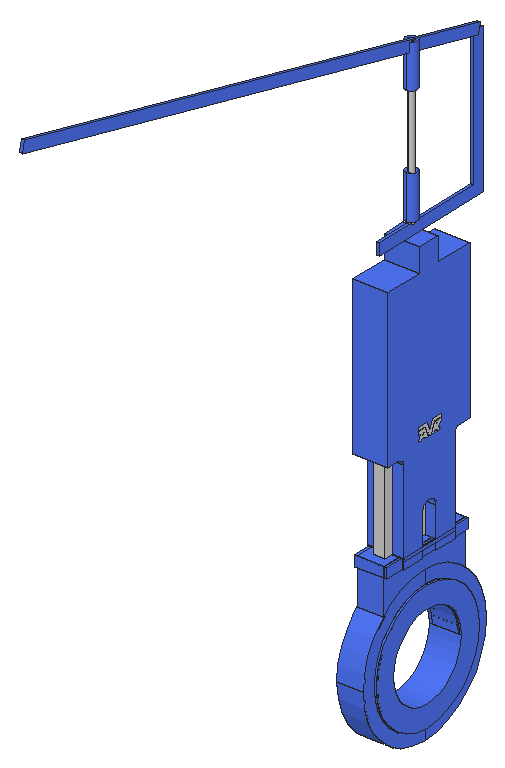
Revit family "702-30-103-DN50-150", category Pipe Accessories, Revit 2019
Family settings
  Round Connector Dimension = Use Diameter
  Part Type = Valve - Breaks Into
  Work Plane-Based = No
  Always vertical = Yes
  Cut with Voids When Loaded = No
  Shared = No
Parameters (values of type "DN 150")
  W3 = W2 / 1.2  # 111.25 mm
  W2 = W / 2  # 133.5 mm
  W1 = size_lookup(Search_table, "W1", 0 mm, [Nominal Diameter (DN)])  # 1003 mm
  W = size_lookup(Search_table, "W", 0 mm, [Nominal Diameter (DN)])  # 267 mm
  URL product pages = "https://www.avkvalves.com/P.aspx?no=70205030134"
  Search_table = "702-30-103-DN50-150"
  Neck_Rod_3 = Neck_Rod / 2  # 5 mm
  Neck_Rod_2 = Neck_Rod * 2  # 20 mm
  Neck_Rod = if([Nominal Diameter (DN)] > 399 mm, 20 mm, if([Nominal Diameter (DN)] > 299 mm, 25 mm, if([Nominal Diameter (DN)] > 199 mm, 20 mm, if([Nominal Diameter (DN)] > 39 mm, 10 mm, 10 mm))))  # 10 mm
  Name_Ref = H_Ref * 1.5  # 347.1 mm
  N_height = size_lookup(Search_table, "N_height", 0 mm, [Nominal Diameter (DN)])  # 286 mm
  L2 = L * 1.1  # 61.6 mm
  L = size_lookup(Search_table, "L", 0 mm, [Nominal Diameter (DN)])  # 56 mm
  ID = [Nominal Diameter (DN)] / 2  # 75 mm
  Nominal Diameter (DN) = 150 mm
  Ho = size_lookup(Search_table, "Ho", 0 mm, [Nominal Diameter (DN)])  # 1162 mm
  Hc_Ref = Hc - (HW_Dia / 2)  # 660 mm
  Hc = size_lookup(Search_table, "Hc", 0 mm, [Nominal Diameter (DN)])  # 670 mm
  HW_Rib = (D * 2) - (HW_Dia / 2)  # 270 mm
  HW_Dia = if([Nominal Diameter (DN)] > 399 mm, 80 mm, if([Nominal Diameter (DN)] > 299 mm, 60 mm, if([Nominal Diameter (DN)] > 199 mm, 40 mm, if([Nominal Diameter (DN)] > 39 mm, 20 mm, 20 mm))))  # 20 mm
  H_Ref = Body_width * 1.3  # 231.4 mm
  H3 = size_lookup(Search_table, "H3", 0 mm, [Nominal Diameter (DN)])  # 1297 mm
  Flange_Thickness = if([Nominal Diameter (DN)] > 399 mm, 20 mm, if([Nominal Diameter (DN)] > 299 mm, 15 mm, if([Nominal Diameter (DN)] > 199 mm, 10 mm, if([Nominal Diameter (DN)] > 39 mm, 5 mm, 5 mm))))  # 5 mm
  Fillet_Radius = size_lookup(Search_table, "Fillet_Radius", 0 mm, [Nominal Diameter (DN)])  # 10 mm
  Description_ = "AVK KNIFE GATE VALVE"
  DN150_PN10/16 = "702-150-30-134"
  DN125_PN10/16 = "702-125-30-134"
  DN100_PN10/16 = "702-100-30-134"
  DN080_PN10/16 = "702-080-30-134"
  DN065_PN10/16 = "702-065-30-134"
  DN050_PN10/16 = "702-050-30-134"
  D = (size_lookup(Search_table, "D", 0 mm, [Nominal Diameter (DN)]) / 2) - (HW_Dia / 2)  # 140 mm
  Bonnet_height_2 = Hc / 2  # 335 mm
  Bonnet_height = Hc / 1.1  # 609.091 mm
  Body_width_2 = Body_width * 0.8  # 142.4 mm
  Body_width = W / 1.5  # 178 mm
  B2_Ref = W2 * 1.2  # 160.2 mm
Types (7, lengths in mm): name | W3 | W2 | W1 | W | Name_Ref | N_height | L2 | L | ID | Nominal Diameter (DN) | Ho | Hc_Ref | Hc | HW_Rib | H_Ref | H3 | Fillet_Radius | D | Bonnet_height_2 | Bonnet_height | Body_width_2 | Body_width | B2_Ref
  (no name) | 111.25 | 133.5 | 1003 | 267 | 347.1 | 286 | 61.6 | 56 | 75 | 150 | 1162 | 660 | 670 | 270 | 231.4 | 1297 | 10 | 140 | 335 | 609.091 | 142.4 | 178 | 160.2
  DN 050 | 54.167 | 65 | 402 | 130 | 169 | 141 | 47.3 | 43 | 25 | 50 | 592 | 353 | 363 | 145 | 112.667 | 687 | 5 | 77.5 | 181.5 | 330 | 69.333 | 86.667 | 78
  DN 065 | 59.583 | 71.5 | 503 | 143 | 185.9 | 194 | 50.6 | 46 | 32.5 | 65 | 720 | 385 | 395 | 145 | 123.933 | 792 | 5 | 77.5 | 197.5 | 359.091 | 76.267 | 95.333 | 85.8
  DN 080 | 76.25 | 91.5 | 601 | 183 | 237.9 | 196 | 50.6 | 46 | 40 | 80 | 758 | 421 | 431 | 195 | 158.6 | 910 | 5 | 102.5 | 215.5 | 391.818 | 97.6 | 122 | 109.8
  DN 100 | 84.167 | 101 | 703 | 202 | 262.6 | 211 | 57.2 | 52 | 50 | 100 | 831 | 465 | 475 | 195 | 175.067 | 933 | 10 | 102.5 | 237.5 | 431.818 | 107.733 | 134.667 | 121.2
  DN 125 | 95.417 | 114.5 | 804 | 229 | 297.7 | 227 | 61.6 | 56 | 62.5 | 125 | 913 | 518 | 528 | 195 | 198.467 | 1028 | 10 | 102.5 | 264 | 480 | 122.133 | 152.667 | 137.4
  DN 150 | 111.25 | 133.5 | 1003 | 267 | 347.1 | 286 | 61.6 | 56 | 75 | 150 | 1162 | 660 | 670 | 270 | 231.4 | 1297 | 10 | 140 | 335 | 609.091 | 142.4 | 178 | 160.2
Reference planes
  plane 1 "Center (Front/Back)": y = 0
  plane 2: z = 0
  plane 3 "Center (Left/Right)": x = 0
  plane 4: x = -28
  plane 5: x = 28
  plane 6: y = 55.625
  plane 7: y = -55.625
  plane 8: x = -30.8
  plane 9: x = 30.8
  plane 10: z = 178
  plane 11: z = 173
  plane 12: x = -18
  plane 13: x = 18
  plane 14: z = 670
  plane 15: y = 15.843
  plane 16: y = -15.843
  plane 17: z = 231.4
  plane 18: z = 335
  plane 19: y = 55.625
  plane 20: y = -55.625
  plane 21: x = -28
  plane 22: x = 28
  plane 23: z = 670
  plane 24: z = 660
  plane 25: z = 650
  plane 26: z = 352.5
  plane 27: z = -133.5
  plane 28: z = 133.5
  plane 29: y = -133.5
  plane 30: y = 133.5
  plane 31: y = 65.625
  plane 32: z = 325
  plane 33: y = -65.625
  plane 34: z = 325
  plane 35: x = -6.146
  plane 36: x = 5.74
  plane 37: z = 383
  plane 38: z = 1162
  plane 39: z = 1152
  plane 40: z = 1172
  plane 41: z = 911
  plane 42: y = 153.5
  plane 43: y = 143.5
  plane 44: y = -849.5
  plane 45: z = 675.334
Forms (mm)
  Extrusion 1, solid, material "Plastic"
    sketch origin (0, 0, 0) x (0, 1, 0) y (0, 0, 1)
      loop
        circle (0, 0) r 133.5
      loop
        circle (0, 0) r 75
    from -28 to 28
  Revolve 2, void
    sketch origin (0, 0, 0) x (1, 0, 0) y (0, 0, 1)
      loop
        line (28, 133.5) -> (23, 133.5) -> (23, 111.25) -> (28, 111.25) -> (28, 133.5)
      loop
        line (-28, 133.5) -> (-28, 111.25) -> (-23, 111.25) -> (-23, 133.5) -> (-28, 133.5)
      axis (-28, 0) -> (28, 0)
    angle from 0 to 360
  Extrusion 3, solid, material "Plastic"
    sketch origin (0, 0, 0) x (0, 1, 0) y (0, 0, 1)
      loop
        line (89, 0) -> (89, 178) -> (-89, 178) -> (-89, 0) -> (89, 0)
    from -23 to 23
  Extrusion 4, solid, material "Plastic"
    sketch origin (0, 0, 0) x (1, 0, 0) y (0, 0, 1)
      loop
        line (30.8, 178) -> (-30.8, 178) -> (-30.8, 173) -> (30.8, 173) -> (30.8, 178)
    from -55.625 to 55.625
  Extrusion 5, solid, material "Plastic"
    sketch origin (0, 0, 0) x (1, 0, 0) y (0, 0, 1)
      loop
        line (-28, 178) -> (-28, 160.2) -> (28, 160.2) -> (28, 178) -> (-28, 178)
    from -89 to 89
  Extrusion 6, solid, material "Plastic"
    sketch origin (0, 0, 0) x (0, 1, 0) y (0, 0, 1)
      loop
        line (55.625, 160.2) -> (55.625, 325)
        arc (55.625, 325) -> (58.554, 332.071) -> (65.625, 335) r 10
        line (65.625, 335) -> (89, 335) -> (89, 609.091) -> (20, 609.091) -> (20, 650) -> (-20, 650) -> (-20, 609.091) -> (-89, 609.091) -> (-89, 335) -> (-65.625, 335)
        arc (-65.625, 335) -> (-58.554, 332.071) -> (-55.625, 325) r 10
        line (-55.625, 325) -> (-55.625, 160.2) -> (-15.843, 160.2) -> (-15.843, 231.4)
        arc (-15.843, 231.4) -> (0, 247.243) -> (15.843, 231.4) r 15.843
        line (15.843, 231.4) -> (15.843, 160.2) -> (55.625, 160.2)
    from -30.8 to 30.8
  Extrusion 7, void
    sketch origin (0, 0, 0) x (0, 1, 0) y (0, 0, 1)
      loop
        circle (0, 0) r 75
    from -28 to 28
  Extrusion 8, solid, material "Stainless Steel AISI 304"
    sketch origin (0, 0, 0) x (0, 1, 0) y (0, 0, 1)
      loop
        line (71.2, 178) -> (71.2, 335) -> (-71.2, 335) -> (-71.2, 178) -> (71.2, 178)
    from -9.423 to 10.911
  Extrusion 9, solid, material "Plastic"
    sketch origin (0, 0, 0) x (0, 1, 0) y (0, 0, 1)
      loop
        line (153.5, 911) -> (133.5, 911) -> (133.5, 670) -> (-72.924, 670) -> (-72.924, 650) -> (153.5, 650) -> (153.5, 911)
    from -2.5 to 2.5
  Sweep 10, solid, material "Plastic"
    path origin (0, 0, 0) x (0, 1, 0) y (0, 0, 1)
      loop
        line (143.5, 911) -> (-849.5, 1162)
    profile origin (0, -353, 1036.5) x (0, -0.245062, -0.969507) y (1, 0, 0)
      loop
        line (-10, -2.297) -> (10, -2.297) -> (10, 2.703) -> (-10, 2.703) -> (-10, -2.297)
  Revolve 11, solid, material "Stainless Steel AISI 304"
    sketch origin (0, 0, 0) x (0, 1, 0) y (0, 0, 1)
      loop
        line (0, 670) -> (5, 670) -> (5, 956) -> (0, 956) -> (0, 670)
      axis (0, 670) -> (0, 956)
    angle from 0 to 360
  Revolve 12, solid, material "Plastic"
    sketch origin (0, 0, 0) x (0, 1, 0) y (0, 0, 1)
      loop
        line (0, 956) -> (0, 881) -> (10, 881) -> (10, 956) -> (0, 956)
      loop
        line (0, 675.334) -> (10, 675.334) -> (10, 750.334) -> (0, 750.334) -> (0, 675.334)
      axis (0, 675.334) -> (0, 956)
    angle from 0 to 360
Cuts and joins
  Revolve 2, Extrusion 7 cuts Extrusion 1
  Extrusion 7 cuts Extrusion 3
Dimensions and locks
  equal spacing: plane 4, plane 3 "Center (Left/Right)", plane 5
  "L": plane 4 to plane 5
  "W2": Revolve 2 sketch curve to level
  "Flange_Thickness": Revolve 2 sketch curve to Extrusion 1
  "Flange_Thickness": Extrusion 1 to Revolve 2 sketch curve
  "W3": Revolve 2 sketch curve to level
  equal spacing: Extrusion 3 sketch curve, plane 1 "Center (Front/Back)", Extrusion 3 sketch curve
  "Body_width": Extrusion 3 sketch curve to Extrusion 3 sketch curve  (x2)
  level to Extrusion 3 = 178 mm
  equal spacing: plane 6, plane 1 "Center (Front/Back)", plane 7
  "W3": plane 6 to plane 7
  equal spacing: plane 8, plane 3 "Center (Left/Right)", plane 9
  "L2": plane 8 to plane 9
  "Flange_Thickness": plane 10 to plane 11
  "Body_width": plane 10 to level
  "B2_Ref": Extrusion 5 sketch curve to level
  "Hc": plane 14 to level
  equal spacing: plane 15, plane 1 "Center (Front/Back)", plane 16
  "Bonnet_height_2": level to plane 18
  "Bonnet_height": Extrusion 6 sketch curve to level
  equal spacing: plane 21, plane 3 "Center (Left/Right)", plane 22
  "L": plane 21 to plane 22
  "H_Ref": level to plane 17
  "Hc": plane 23 to level
  "Hc_Ref": plane 24 to level
  "HW_Dia": plane 23 to plane 25
  "Name_Ref": level to nested 1
  equal spacing: plane 28, level, plane 27
  "W": plane 28 to plane 27
  equal spacing: plane 30, plane 1 "Center (Front/Back)", plane 29
  "W": plane 30 to plane 29
  "Fillet_Radius": plane 31 to plane 19
  "Fillet_Radius": plane 18 to plane 32
  "Fillet_Radius": plane 18 to plane 34
  "Fillet_Radius": plane 20 to plane 33
  equal spacing: Extrusion 8 sketch curve, plane 1 "Center (Front/Back)", Extrusion 8 sketch curve
  "Body_width_2": Extrusion 8 sketch curve to Extrusion 8 sketch curve
  "Hc_Ref": Extrusion 1 sketch curve to plane 24
  "Ho": plane 38 to level
  equal spacing: plane 40, plane 38, plane 39
  "Neck_Rod_2": plane 40 to plane 39
  equal spacing: Extrusion 6 sketch curve, plane 1 "Center (Front/Back)", Extrusion 6 sketch curve
  "Neck_Rod_2": plane 1 "Center (Front/Back)" to Extrusion 6 sketch curve
  "Neck_Rod_2": Extrusion 9 sketch curve to plane 25
  equal spacing: plane 24, plane 41, plane 38
  "Neck_Rod_2": plane 30 to Extrusion 9 sketch curve
  equal spacing: plane 30, plane 43, plane 42
  "W1": plane 44 to plane 42
  equal spacing: Sweep 10 sketch curve, profile plane, Sweep 10 sketch curve  (x2)
  "Neck_Rod_2": Sweep 10 sketch curve to Sweep 10 sketch curve
  "Flange_Thickness": Sweep 10 sketch curve to Sweep 10 sketch curve
  "Neck_Rod_2": plane 30 to plane 42
  "Neck_Rod_3": plane 1 "Center (Front/Back)" to Revolve 11 sketch curve
  "N_height": Revolve 11 sketch curve to plane 23
  locked: plane 45 to plane 23 at 5.334
  "Neck_Rod": plane 1 "Center (Front/Back)" to Revolve 12 sketch curve  (x2)
  "ID": Revolve 12 sketch curve to Revolve 12 sketch curve  (x2)
  plane 38 to plane 27 = 1295.5 mm
  "W": diameter of Extrusion 1 sketch curve
  "Nominal Diameter (DN)": diameter of Extrusion 1 sketch curve
  aligned and locked: level to plane 2
  aligned and locked: Extrusion 1 to plane 5
  aligned and locked: plane 4 to Extrusion 1
  aligned and locked: Extrusion 1 to Revolve 2 sketch curve
  aligned and locked: Revolve 2 sketch curve to Revolve 2 sketch curve  (x2)
  aligned and locked: Revolve 2 sketch curve to plane 2
  aligned and locked: Extrusion 3 sketch curve to level
  aligned and locked: plane 6 to Extrusion 4
  aligned and locked: Extrusion 4 to plane 7
  aligned and locked: plane 11 to Extrusion 4 sketch curve  (x2)
  aligned and locked: plane 10 to Extrusion 4 sketch curve  (x2)
  aligned and locked: Extrusion 5 sketch curve to plane 4
  aligned and locked: plane 5 to Extrusion 5 sketch curve
  aligned and locked: Extrusion 5 sketch curve to Extrusion 4
  aligned and locked: Extrusion 5 to Extrusion 3
  aligned and locked: Extrusion 3 to Extrusion 5
  aligned and locked: plane 8 to Extrusion 4 sketch curve
  aligned and locked: Extrusion 4 sketch curve to plane 9
  aligned and locked: Extrusion 3 to cut or joined group of Extrusion 1, Revolve 2, Extrusion 7  (x2)
  aligned and locked: Extrusion 5 to Extrusion 6 sketch curve
  aligned and locked: Extrusion 6 sketch curve to Extrusion 5
  aligned and locked: Extrusion 6 sketch curve to plane 15  (x2)
  aligned and locked: Extrusion 6 sketch curve to plane 19  (x2)
  aligned and locked: Extrusion 6 sketch curve to plane 16  (x2)
  aligned and locked: Extrusion 6 sketch curve to plane 20  (x2)
  aligned and locked: plane 7 to plane 20
  aligned and locked: plane 6 to plane 19
  aligned and locked: Extrusion 3 to Extrusion 6 sketch curve  (x2)
  aligned and locked: Extrusion 6 to Extrusion 4  (x2)
  aligned and locked: Extrusion 7 sketch curve to cut or joined group of Extrusion 1, Revolve 2, Extrusion 7  (x2)
  aligned and locked: Extrusion 1 to Extrusion 7  (x2)
  aligned and locked: nested 1 to plane 1 "Center (Front/Back)"
  aligned and locked: Extrusion 6 sketch curve to plane 33
  aligned and locked: plane 18 to Extrusion 6 sketch curve
  aligned and locked: Extrusion 6 sketch curve to plane 34
  aligned and locked: plane 32 to Extrusion 6 sketch curve
  aligned and locked: Extrusion 6 sketch curve to plane 18
  aligned and locked: Extrusion 6 sketch curve to plane 31
  aligned and locked: plane 17 to Extrusion 6 sketch curve  (x2)
  aligned and locked: Extrusion 5 to Extrusion 8 sketch curve
  aligned and locked: Extrusion 8 to Extrusion 6
  aligned and locked: Extrusion 6 sketch curve to plane 25
  aligned and locked: Extrusion 6 sketch curve to Extrusion 6 sketch curve
  aligned and locked: Extrusion 9 sketch curve to plane 25
  aligned and locked: plane 41 to Extrusion 9
  aligned and locked: Extrusion 9 sketch curve to plane 30
  aligned and locked: Sweep 10 sketch curve to plane 44
  aligned and locked: plane 38 to Sweep 10 sketch curve
  aligned and locked: Sweep 10 sketch curve to plane 43
  aligned and locked: plane 41 to Sweep 10 sketch curve
  aligned and locked: Revolve 11 sketch curve to plane 23
  aligned and locked: plane 1 "Center (Front/Back)" to Revolve 11 sketch curve
  aligned and locked: Revolve 11 sketch curve to Revolve 11 sketch curve
  aligned and locked: Revolve 12 sketch curve to plane 1 "Center (Front/Back)"  (x2)
  aligned and locked: Revolve 12 sketch curve to Revolve 11
  aligned and locked: plane 45 to Revolve 12 sketch curve
  aligned and locked: plane 1 "Center (Front/Back)" to Revolve 12 sketch curve
Automatic sketch dimensions
  Extrusion 1 sketch curve to Extrusion 1 sketch curve = 0 mm
  Extrusion 1 sketch curve to level = 0 mm
  Extrusion 1 sketch curve to plane 1 "Center (Front/Back)" = 0 mm
  plane 4 to Revolve 2 sketch curve = 0 mm
  Revolve 2 sketch curve to plane 4 = 2.3 mm
  plane 5 to Revolve 2 sketch curve = 8 mm
  Extrusion 8 sketch curve to Extrusion 8 sketch curve = 157 mm
  Extrusion 9 sketch curve to plane 41 = 0 mm
  Extrusion 9 sketch curve to plane 7 = 17.299 mm
  Revolve 11 sketch curve to Revolve 11 sketch curve = 100 mm
  Revolve 11 sketch curve to Revolve 11 sketch curve = 25 mm
  Revolve 12 sketch curve to Revolve 12 sketch curve = 35 mm
  Revolve 12 sketch curve to Revolve 12 sketch curve = 10 mm
Nested families
  nested 1: "LOGO LV Final.0001" at (30.8, 0, 335.733) x (0, 1, 0) z (1, 0, 0), type "LOGO LV Final.0001"
Connectors
  piping at (28, 0, 0), diameter 150, driven by "Nominal Diameter (DN)"
    settings: on Extrusion 1, index 1, connector inside diameter 609.6 mm, connector length 0 mm, flow factor 0, pipe flow 0.0 L/s, pressure drop 0.0 Pa, fitting loss kfactor 0, connector angle 0.00°, fixture units 0, engagement length 0 mm, angle of deflection 0.00°, flow configuration 0, flow direction 0, fitting loss method 0, system type 7, joint type 0, gender type 0, connector reference index -1, connector utility 0, adjustable connector no, is connector primary yes, connector description ""
  piping at (-28, 0, 0), diameter 150, driven by "Nominal Diameter (DN)"
    settings: on Extrusion 1, index 2, connector inside diameter 609.6 mm, connector length 0 mm, flow factor 0, pipe flow 0.0 L/s, pressure drop 0.0 Pa, fitting loss kfactor 0, connector angle 0.00°, fixture units 0, engagement length 0 mm, angle of deflection 0.00°, flow configuration 0, flow direction 0, fitting loss method 0, system type 7, joint type 0, gender type 0, connector reference index -1, connector utility 0, adjustable connector no, is connector primary no, connector description ""
Definition of nested family "LOGO LV Final.0001"
  Parameters (values of type "LOGO LV Final.0001")
    Default Elevation = 1219.2 mm
  Reference planes
    plane 1 "Center (Front/Back)": y = 0
    plane 2: z = 0
    plane 3 "Center (Left/Right)": x = 0
  Forms (mm)
    Extrusion 1, solid
      sketch origin (0, 0, 0) x (1, 0, 0) y (0, 1, 0)
        loop
          line (-1219.2, 1219.2) -> (-1219.2, -1219.2) -> (1219.2, -1219.2) -> (1219.2, 1219.2) -> (-1219.2, 1219.2)
      from 0 to -304.8
    Extrusion 2, solid
      sketch origin (0, 0, 0) x (1, 0, 0) y (0, 1, 0)
        loop
          line (-6.514, 34.224) -> (-24, 34.224) -> (-24, 29.481) -> (-9.766, 29.481) -> (-2.391, 11.367) -> (2.391, 11.367) -> (9.766, 29.481) -> (24, 29.481) -> (24, 34.224) -> (6.514, 34.224) -> (0, 18.224) -> (-6.514, 34.224)
        loop
          line (-10.996, 27.653) -> (-24, 27.653) -> (-24, 23.081) -> (-19.503, 23.081) -> (-24, 11.367) -> (-18.92, 11.367) -> (-17.955, 13.881) -> (-10.51, 13.881) -> (-9.486, 11.367) -> (-4.365, 11.367) -> (-10.996, 27.653)
        loop
          line (-16.777, 18.224) -> (-12.278, 18.224) -> (-14.594, 23.912) -> (-16.777, 18.224)
        loop
          line (4.365, 11.367) -> (9.486, 11.367) -> (12.093, 17.77) -> (16.918, 11.367) -> (22.857, 11.367) -> (17.399, 18.61)
          arc (17.399, 18.61) -> (20.583, 20.18) -> (22.629, 23.081) r 7.2
          line (22.629, 23.081) -> (24, 23.081) -> (24, 27.653) -> (19.429, 27.653)
          arc (19.429, 27.653) -> (17.763, 23.526) -> (13.699, 21.714) r 5.943
          line (13.699, 21.714) -> (16.117, 27.653) -> (10.996, 27.653) -> (4.365, 11.367)
      from 0 to 1
  Dimensions and locks
    aligned and locked: plane 2 to Extrusion 1
    aligned and locked: level to Extrusion 1
    aligned and locked: Extrusion 2 sketch curve to import instance
